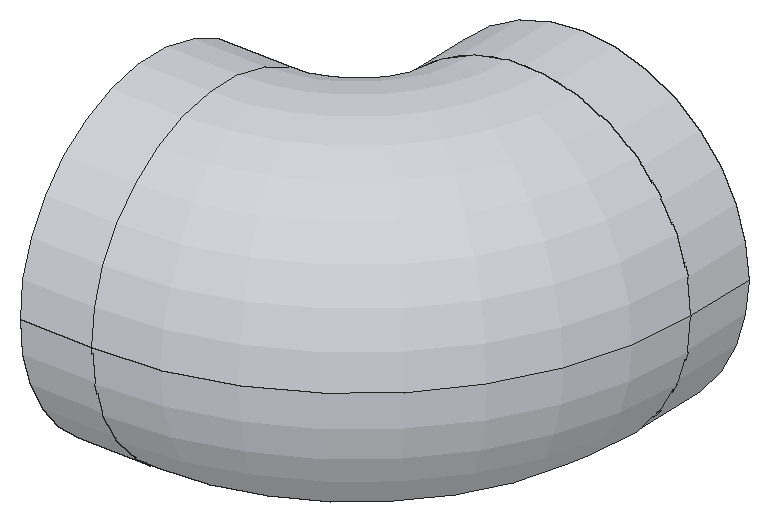
Revit family "Cotovelo - Junta - PPR", category Conexões de tubo, Revit 2019
Family settings
  Cota do conector redondo = Usar raio
  Tipo de parte = Cotovelo
  Com base no plano de trabalho = Não
  Sempre na vertical = Sim
  Corte com vazios quando carregada = Não
  Compartilhado = Não
Parameters (values of type "Padrão")
  Tamanho da marca de revisão [instance] = 0.4 * Diâmetro externo do soquete  # 50.6 mm
  Raio externo do soquete [instance] = Diâmetro externo do soquete / 2  # 63.25 mm
  Comprimento externo do soquete não encontrado [instance] = if(Ângulo 1 > 45.00°, 1.39 * Diâmetro nominal - 0.2 mm, 1.39 * Diâmetro nominal + 0.1 mm)  # 124.9 mm
  Diâmetro externo do soquete [instance] = size_lookup(Nome da tabela de pesquisa, "SOD", Comprimento externo do soquete não encontrado, Diâmetro nominal, Ângulo 1)  # 126.5 mm
  Profundidade do soquete [instance] = size_lookup(Nome da tabela de pesquisa, "SDpt", 0.27 * Diâmetro nominal + 10.2 mm, Diâmetro nominal)  # 33.75 mm
  Profundidade do soquete 1 [instance] = Profundidade do soquete * 0.81  # 27.338 mm
  Nome da tabela de pesquisa = "BR_Elbow - Slip - PPR"
  Comprimento 1 [instance] = Diâmetro externo do soquete / 2 * tan(Ângulo / 2) + Profundidade do soquete 1 + 0.8 mm  # 91.387 mm
  Raio nominal [instance] = 45 mm
  Diâmetro nominal [instance] = Raio nominal * 2  # 90 mm
  Método de perda = Coeficiente K da tabela
  Tabela de coeficiente K = "Cotovelo regular 45, 90 e 180"
  Centro para extremidade não encontrado [instance] = if(Ângulo 1 > 45.00°, 0.77 * Diâmetro nominal + 12.1 mm, 0.66 * Diâmetro nominal + 10.1 mm)  # 81.4 mm
  Centro pra a legenda da extremidade [instance] = if(Centro para a extremidade > Diâmetro externo do soquete / 2 * tan(Ângulo / 2) + Profundidade do soquete 1, Centro para a extremidade, Comprimento 1)  # 91.387 mm
  Centro para a extremidade [instance] = size_lookup(Nome da tabela de pesquisa, "CtE", Centro para extremidade não encontrado, Diâmetro nominal, Ângulo 1)  # 80 mm
  Raio Central [instance] = (Centro pra a legenda da extremidade - Profundidade do soquete 1) / tan(Ângulo / 2)  # 64.05 mm
  Assembly Code = ""
  Ângulo 1 [instance] = if(Ângulo > 45.00°, 90.00°, 45.00°)  # 90.00°
  Ângulo [instance] = 90.00°
Reference planes
  plane 1 "Centro (Frente/Trás)": y = 0
  plane 2: z = 0
  plane 3 "Centro (Esquerda/Direita)": x = 0
  plane 4: x = -91.387
  plane 5: x = -64.05
  plane 6: y = 64.05
  plane 7: y = 50.6
  plane 8: y = -50.6
Forms (mm)
  Sweep 1, solid, detail levels fine
    path in 3D
      loop
        line (-91.387, 0, 0) -> (-64.05, 0, 0)
        arc (-64.05, 0, 0) -> (-18.76, 18.76, 0) -> (0, 64.05, 0) r 64.05
        line (0, 64.05, 0) -> (0, 91.387, 0)
    profile origin (-77.719, 0, 0) x (0, 1, 0) y (0, 0, 1)
      loop
        circle (0, 0) r 63.25
Lines and regions (mm)
  model lines, detail levels coarse+medium
    curve 1: arc (-64.05, 0, 0) -> (-18.76, 18.76, 0) -> (0, 64.05, 0) r 64.05
    curve 2: line (-91.387, 0, 0) -> (-64.05, 0, 0)
    curve 3: line (0, 64.05, 0) -> (0, 91.387, 0)
    curve 7: line (-91.387, 50.6, 0) -> (-91.387, -50.6, 0)
    curve 8: line (0, 91.387, 0) -> (-50.6, 91.387, 0)
    curve 9: line (0, 91.387, 0) -> (50.6, 91.387, 0)
  sketch lines
    curve 4: line (-91.387, 0, 0) -> (-64.05, 0, 0)
    curve 5: arc (-64.05, 0, 0) -> (-18.76, 18.76, 0) -> (0, 64.05, 0) r 64.05
    curve 6: line (0, 64.05, 0) -> (0, 91.387, 0)
Dimensions and locks
  "Centro pra a legenda da extremidade": plane 4 to plane 3 "Centro (Esquerda/Direita)"
  "Profundidade do soquete 1": plane 4 to plane 5
  "Raio Central": plane 6 to plane 1 "Centro (Frente/Trás)"
  "Profundidade do soquete 1": curve 3 to curve 3
  "Tamanho da marca de revisão": plane 7 to plane 1 "Centro (Frente/Trás)"
  "Tamanho da marca de revisão": plane 8 to plane 1 "Centro (Frente/Trás)"
  "Tamanho da marca de revisão": curve 8 to curve 8
  "Tamanho da marca de revisão": curve 9 to curve 9
  "Raio Central": radius of curve 1
  "Raio externo do soquete": radius of Sweep 1 sketch curve
  "Ângulo": angle curve 1 to curve 1
  "Ângulo": angle plane 1 "Centro (Frente/Trás)" to curve 3
  locked: curve 8 to curve 3 (angle 90.00°)
  locked: curve 3 to curve 9 (angle 90.00°)
  aligned and locked: plane 6 to curve 1
  aligned and locked: plane 5 to curve 1
  aligned and locked: plane 5 to curve 2
  aligned and locked: plane 7 to curve 7
  aligned and locked: plane 8 to curve 7
  aligned and locked: curve 7 to plane 4
Automatic sketch dimensions
  Sweep 1 sketch curve to profile plane = 0 mm  (x2)
Connectors
  piping at (-91.387, 0, 0), diameter 90, driven by "Raio nominal", driven by "Ângulo"
    settings: on Sweep 1, index 1, connector inside diameter 90 mm, connector length 0 mm, flow factor 0, pipe flow 0.0 L/s, pressure drop 0.0 Pa, fitting loss kfactor 0, connector angle 90.00°, fixture units 0, engagement length 0 mm, angle of deflection 0.00°, flow configuration 0, flow direction 0, fitting loss method 0, system type 28, joint type 0, gender type 0, connector reference index 2, connector utility 0, adjustable connector no, is connector primary yes, connector description ""
  piping at (0, 91.387, 0), diameter 90, driven by "Raio nominal", driven by "Ângulo"
    settings: on Sweep 1, index 2, connector inside diameter 90 mm, connector length 0 mm, flow factor 0, pipe flow 0.0 L/s, pressure drop 0.0 Pa, fitting loss kfactor 0, connector angle 90.00°, fixture units 0, engagement length 0 mm, angle of deflection 0.00°, flow configuration 0, flow direction 0, fitting loss method 0, system type 28, joint type 0, gender type 0, connector reference index 1, connector utility 0, adjustable connector no, is connector primary no, connector description ""
